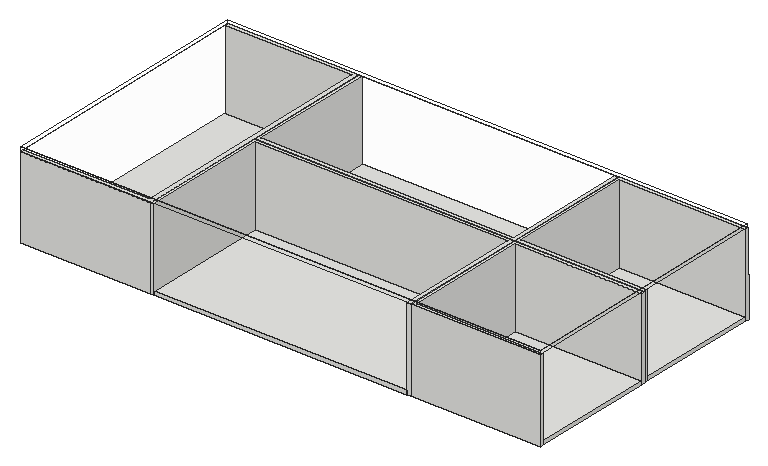
Revit family "Table-Coffee-Teknion-STLD_Masalla-R2013", category Furniture, Revit 2013
Parameters (values of type "5 Box Rectangle")
  Width = 66.92913"
  Warranty = "http://www.teknionstudio.com/pdfs/Teknion%20Studio%20Warranty.pdf"
  Unit Weight = 0.00 lbf
  URL = "www.teknionstudio.com"
  Table Top Finish [instance] = Glass - Teknion - A5 - Standard - Clear
  Surface D Finish [instance] = Paint - Teknion - True White
  Surface C Finish [instance] = Paint - Teknion - True White
  Surface B Finish [instance] = Paint - Teknion - True White
  Surface A Finish [instance] = Paint - Teknion - True White
  Series = "Studio"
  Product Line = "Masalla"
  Product Documentation Link = "http://www.teknionstudio.com/pricing/STLD_ppg.pdf"
  Part Number = "STLD"
  Model = "STLD"
  Manufacturer Phone = "919-464-2920"
  Manufacturer Fax = "919-464-2927"
  Manufacturer Email = "customersupport@teknionstudio.com"
  Manufacturer Address = "3941 US 70 Business HWY West, Clayton, NC 27520"
  Manufacturer = "Teknion Studio"
  Low Emitting Material = yes
  Low Emitting Finish = yes
  Height = 12.59843"
  Description = "Masalla Table, 5 Box Rectangle"
  Depth = 33.46457"
  Assembly Code = "E2020200"
Reference planes (in)
  plane 1 "Center F/B": y = 0
  plane 2: z = 0
  plane 3 "Center L/R": x = 0
  plane 4 "Left": x = -33.46457
  plane 5 "Right": x = 33.46457
  plane 6 "Back": y = 16.73228
  plane 7 "Front": y = -16.73228
  plane 8 "Top": z = 12.59843
  plane 9: z = 1.5748
  plane 10: z = 12.12598
Forms (in)
  Sweep 1, solid, material "Paint - Teknion - Smoke"
    path origin (0, 0, 0) x (1, 0, 0) y (0, 0, 1)
      loop
        line (0, 0) -> (0, 1.5748)
    profile origin (0, 0, 0.7874) x (-1, 0, 0) y (0, -1, 0)
      loop
        line (31.10236, -14.37008) -> (31.10236, 14.37008) -> (-31.10236, 14.37008) -> (-31.10236, -14.37008) -> (31.10236, -14.37008)
      loop
        line (-30.62992, -13.89764) -> (30.62992, -13.89764) -> (30.62992, 13.89764) -> (-30.62992, 13.89764) -> (-30.62992, -13.89764)
  Sweep 2, solid, material "Paint - Teknion - Smoke"
    path origin (0, 0, 0) x (1, 0, 0) y (0, 0, 1)
      loop
        line (0, 1.5748) -> (0, 1.10236)
    profile origin (0, 0, 1.33858) x (0, -1, 0) y (1, 0, 0)
      loop
        line (-13.89764, -30.62992) -> (13.89764, -30.62992) -> (13.89764, 30.62992) -> (-13.89764, 30.62992) -> (-13.89764, -30.62992)
  Sweep 3, solid, material "Glass - Teknion - A5 - Standard - Clear" <- "Table Top Finish"
    path origin (0, 0, 0) x (1, 0, 0) y (0, 0, 1)
      loop
        line (0, 12.59843) -> (0, 12.12598)
    profile origin (0, 0, 12.3622) x (0, -1, 0) y (1, 0, 0)
      loop
        line (-16.73228, -33.46457) -> (16.73228, -33.46457) -> (16.73228, 33.46457) -> (-16.73228, 33.46457) -> (-16.73228, -33.46457)
  Sweep 4, solid, material "Paint - Teknion - True White" <- "Surface B Finish"
    path origin (0, 0, 0) x (1, 0, 0) y (0, 0, 1)
      loop
        line (0, 1.5748) -> (0, 2.04724)
    profile origin (0, 0, 1.81102) x (-1, 0, 0) y (0, -1, 0)
      loop
        line (16.25984, -16.73228) -> (16.25984, -0.47244) -> (-16.25984, -0.47244) -> (-16.25984, -16.73228) -> (16.25984, -16.73228)
  Sweep 5, solid, material "Paint - Teknion - True White" <- "Surface A Finish"
    path origin (0, 0, 0) x (1, 0, 0) y (0, 0, 1)
      loop
        line (0, 12.12598) -> (0, 1.5748)
    profile origin (0, 0, 6.85039) x (0, -1, 0) y (1, 0, 0)
      loop
        line (-16.73228, -33.46457) -> (-16.25984, -33.46457) -> (-16.25984, -17.20472) -> (16.25984, -17.20472) -> (16.25984, -33.46457) -> (16.73228, -33.46457) -> (16.73228, -16.73228) -> (-16.73228, -16.73228) -> (-16.73228, -33.46457)
  Sweep 6, solid, material "Paint - Teknion - True White" <- "Surface D Finish"
    path origin (0, 0, 0) x (1, 0, 0) y (0, 0, 1)
      loop
        line (0, 1.5748) -> (0, 12.12598)
    profile origin (0, 0, 6.85039) x (-1, 0, 0) y (0, -1, 0)
      loop
        line (-16.73228, 0) -> (-16.73228, 16.73228) -> (-33.46457, 16.73228) -> (-33.46457, 16.25984) -> (-17.20472, 16.25984) -> (-17.20472, 0.47244) -> (-33.46457, 0.47244) -> (-33.46457, 0) -> (-16.73228, 0)
  Sweep 7, solid, material "Paint - Teknion - True White" <- "Surface B Finish"
    path origin (0, 0, 0) x (1, 0, 0) y (0, 0, 1)
      loop
        line (0, 12.12598) -> (0, 1.5748)
    profile origin (0, 0, 6.85039) x (0, -1, 0) y (1, 0, 0)
      loop
        line (-16.73228, -16.73228) -> (0, -16.73228) -> (0, 16.73228) -> (-16.73228, 16.73228) -> (-16.73228, 16.25984) -> (-0.47244, 16.25984) -> (-0.47244, -16.25984) -> (-16.73228, -16.25984) -> (-16.73228, -16.73228)
  Sweep 8, solid, material "Paint - Teknion - True White" <- "Surface C Finish"
    path origin (0, 0, 0) x (1, 0, 0) y (0, 0, 1)
      loop
        line (0, 12.12598) -> (0, 1.5748)
    profile origin (0, 0, 6.85039) x (0, -1, 0) y (1, 0, 0)
      loop
        line (0, 16.73228) -> (0, -16.73228) -> (16.73228, -16.73228) -> (16.73228, -16.25984) -> (0.47244, -16.25984) -> (0.47244, 16.25984) -> (16.73228, 16.25984) -> (16.73228, 16.73228) -> (0, 16.73228)
  Sweep 9, solid, material "Paint - Teknion - True White" <- "Surface D Finish"
    path origin (0, 0, 0) x (-1, 0, 0) y (0, 0, 1)
      loop
        line (0, 1.5748) -> (0, 2.04724)
    profile origin (0, 0, 1.81102) x (-1, 0, 0) y (0, -1, 0)
      loop
        line (-33.46457, -16.25984) -> (-17.20472, -16.25984) -> (-17.20472, -0.47244) -> (-33.46457, -0.47244) -> (-33.46457, -16.25984)
      loop
        line (-33.46457, 16.25984) -> (-33.46457, 0.47244) -> (-17.20472, 0.47244) -> (-17.20472, 16.25984) -> (-33.46457, 16.25984)
  Sweep 10, solid, material "Paint - Teknion - True White" <- "Surface C Finish"
    path origin (0, 0, 0) x (-1, 0, 0) y (0, 0, 1)
      loop
        line (0, 1.5748) -> (0, 2.04724)
    profile origin (0, 0, 1.81102) x (1, 0, 0) y (0, 1, 0)
      loop
        line (16.25984, -16.73228) -> (16.25984, -0.47244) -> (-16.25984, -0.47244) -> (-16.25984, -16.73228) -> (16.25984, -16.73228)
  Sweep 11, solid, material "Paint - Teknion - True White" <- "Surface A Finish"
    path origin (0, 0, 0) x (1, 0, 0) y (0, 0, -1)
      loop
        line (0, -1.5748) -> (0, -2.04724)
    profile origin (0, 0, 1.81102) x (1, 0, 0) y (0, 1, 0)
      loop
        line (-33.46457, -16.25984) -> (-17.20472, -16.25984) -> (-17.20472, 16.25984) -> (-33.46457, 16.25984) -> (-33.46457, -16.25984)
  Sweep 12, solid, material "Paint - Teknion - True White" <- "Surface D Finish"
    path origin (0, 16.73228, 0) x (1, 0, 0) y (0, 0, 1)
      loop
        line (0, 1.5748) -> (0, 12.12598)
    profile origin (0, 16.73228, 6.85039) x (-1, 0, 0) y (0, -1, 0)
      loop
        line (-16.73228, 0) -> (-16.73228, 16.73228) -> (-33.46457, 16.73228) -> (-33.46457, 16.25984) -> (-17.20472, 16.25984) -> (-17.20472, 0.47244) -> (-33.46457, 0.47244) -> (-33.46457, 0) -> (-16.73228, 0)
Lines and regions (in)
  Masking region 1
    outline origin (0, 0, 12.59843) x (-1, 0, 0) y (0, -1, 0)
      loop
        line (33.46457, -16.73228) -> (33.46457, 16.73228) -> (-33.46457, 16.73228) -> (-33.46457, -16.73228) -> (33.46457, -16.73228)
  symbolic lines, style "Hidden Lines", detail levels medium+fine
    curve 1: line (-16.73228, 16.73228, 12.59843) -> (-16.73228, -16.73228, 12.59843)
    curve 2: line (16.73228, 16.73228, 12.59843) -> (16.73228, -16.73228, 12.59843)
    curve 3: line (-16.73228, 0, 12.59843) -> (33.46457, 0, 12.59843)
  symbolic lines, style "Hidden Lines", detail levels fine
    curve 4: line (-33.46457, 16.25984, 12.59843) -> (-16.73228, 16.25984, 12.59843)
    curve 5: line (-33.46457, -16.25984, 12.59843) -> (-16.73228, -16.25984, 12.59843)
    curve 6: line (33.46457, 16.25984, 12.59843) -> (16.73228, 16.25984, 12.59843)
    curve 7: line (33.46457, -16.25984, 12.59843) -> (16.73228, -16.25984, 12.59843)
    curve 8: line (-17.20472, 16.25984, 12.59843) -> (-17.20472, -16.25984, 12.59843)
    curve 9: line (-16.25984, 16.73228, 12.59843) -> (-16.25984, -16.73228, 12.59843)
    curve 10: line (16.25984, 16.73228, 12.59843) -> (16.25984, -16.73228, 12.59843)
    curve 11: line (17.20472, 16.25984, 12.59843) -> (17.20472, 0.47244, 12.59843)
    curve 12: line (-16.25984, 0.47244, 12.59843) -> (16.25984, 0.47244, 12.59843)
    curve 13: line (-16.25984, -0.47244, 12.59843) -> (16.25984, -0.47244, 12.59843)
    curve 14: line (33.46457, 0.47244, 12.59843) -> (16.73228, 0.47244, 12.59843)
    curve 15: line (33.46457, -0.47244, 12.59843) -> (16.73228, -0.47244, 12.59843)
    curve 16: line (17.20472, -0.47244, 12.59843) -> (17.20472, -16.25984, 12.59843)
Dimensions and locks (in)
  "Height": plane 8 "Top" to level
  equal spacing: plane 4 "Left", plane 3 "Center L/R", plane 5 "Right"
  equal spacing: plane 6 "Back", plane 1 "Center F/B", plane 7 "Front"
  "Width": plane 4 "Left" to plane 5 "Right"
  "Depth": plane 6 "Back" to plane 7 "Front"
  Sweep 1 sketch curve to Sweep 1 sketch curve to plane 1 "Center F/B" to Sweep 1 sketch curve to Sweep 1 sketch curve = 0.47244" locked, 13.89764" locked, 13.89764" locked, 0.47244" locked
  Sweep 1 sketch curve to Sweep 1 sketch curve to plane 3 "Center L/R" to Sweep 1 sketch curve to Sweep 1 sketch curve = 0.47244", 30.62992" locked, 30.62992" locked, 0.47244" locked
  Sweep 2 sketch curve to plane 3 "Center L/R" to Sweep 2 sketch curve = 30.62992" locked, 30.62992" locked
  Sweep 2 sketch curve to plane 1 "Center F/B" to Sweep 2 sketch curve = 13.89764" locked, 13.89764" locked
  locked: plane 8 "Top" to Sweep 3 sketch curve at 0.47244
  locked: plane 8 "Top" to plane 10 at 0.47244
  locked: plane 9 to plane 2 at 1.5748
  locked: plane 9 to Sweep 2 sketch curve at 0.47244
  locked: Sweep 4 sketch curve to plane 9 at 0.47244
  locked: plane 1 "Center F/B" to Sweep 4 sketch curve at 0.47244
  locked: Sweep 8 sketch curve to plane 1 "Center F/B" at 0.47244
  locked: Sweep 9 sketch curve to plane 9 at 0.47244
  locked: Sweep 10 sketch curve to plane 9 at 0.47244
  locked: Sweep 11 sketch curve to plane 9 at 0.47244
  locked: plane 4 "Left" to Sweep 5 sketch curve at 16.73228
  locked: Sweep 5 sketch curve to Sweep 5 sketch curve at 0.47244
  locked: plane 6 "Back" to Sweep 5 sketch curve at 0.47244
  locked: plane 7 "Front" to Sweep 5 sketch curve at 0.47244
  locked: plane 7 "Front" to Sweep 6 sketch curve at 0.47244
  locked: Sweep 6 sketch curve to plane 5 "Right" at 16.25984
  locked: Sweep 6 sketch curve to Sweep 6 sketch curve at 0.47244
  Sweep 8 sketch curve to Sweep 8 sketch curve to plane 3 "Center L/R" = 0.47244" locked, 16.25984" locked
  plane 3 "Center L/R" to Sweep 8 sketch curve to Sweep 8 sketch curve = 16.25984" locked, 0.47244" locked
  Sweep 7 sketch curve to Sweep 7 sketch curve to plane 3 "Center L/R" = 0.47244" locked, 16.25984" locked
  plane 3 "Center L/R" to Sweep 7 sketch curve to Sweep 7 sketch curve = 16.25984" locked, 0.47244" locked
  locked: plane 1 "Center F/B" to Sweep 7 sketch curve at 0.47244
  locked: plane 4 "Left" to Sweep 11 sketch curve at 16.25984
  locked: plane 6 "Back" to Sweep 11 sketch curve at 0.47244
  locked: plane 7 "Front" to Sweep 11 sketch curve at 0.47244
  Sweep 4 sketch curve to plane 3 "Center L/R" to Sweep 4 sketch curve = 16.25984" locked, 16.25984" locked
  Sweep 10 sketch curve to plane 3 "Center L/R" to Sweep 10 sketch curve = 16.25984" locked, 16.25984" locked
  locked: Sweep 10 sketch curve to plane 1 "Center F/B" at 0.47244
  locked: Sweep 9 sketch curve to plane 5 "Right" at 16.25984
  locked: plane 6 "Back" to Sweep 9 sketch curve at 0.47244
  locked: plane 7 "Front" to Sweep 9 sketch curve at 0.47244
  curve 1 to plane 3 "Center L/R" to curve 2 = 16.73228" locked, 16.73228" locked
  locked: plane 6 "Back" to curve 4 at 0.47244
  locked: plane 7 "Front" to curve 5 at 0.47244
  locked: plane 6 "Back" to curve 6 at 0.47244
  locked: plane 7 "Front" to curve 7 at 0.47244
  locked: curve 8 to curve 1 at 0.47244
  locked: curve 1 to curve 9 at 0.47244
  locked: curve 10 to curve 2 at 0.47244
  locked: curve 2 to curve 11 at 0.47244
  locked: plane 1 "Center F/B" to curve 12 at 0.47244
  locked: curve 13 to plane 1 "Center F/B" at 0.47244
  locked: Sweep 6 sketch curve to plane 1 "Center F/B" at 0.47244
  locked: Sweep 12 sketch curve to Sweep 12 sketch curve at 0.47244
  locked: plane 1 "Center F/B" to curve 14 at 0.47244
  locked: curve 15 to plane 1 "Center F/B" at 0.47244
  Sweep 9 sketch curve to plane 1 "Center F/B" to Sweep 9 sketch curve = 0.47244", 0.47244"
  aligned and locked: level to plane 2
  aligned and locked: plane 3 "Center L/R" to Sweep 1 sketch curve
  aligned and locked: plane 2 to Sweep 1 sketch curve
  aligned and locked: Sweep 2 sketch curve to plane 3 "Center L/R"
  aligned and locked: Sweep 3 sketch curve to plane 3 "Center L/R"
  aligned and locked: plane 8 "Top" to Sweep 3 sketch curve
  aligned and locked: Sweep 3 sketch curve to plane 6 "Back"
  aligned and locked: plane 4 "Left" to Sweep 3 sketch curve
  aligned and locked: Sweep 3 sketch curve to plane 7 "Front"
  aligned and locked: Sweep 3 sketch curve to plane 5 "Right"
  aligned and locked: plane 9 to Sweep 1 sketch curve
  aligned and locked: plane 9 to Sweep 2 sketch curve
  aligned and locked: plane 9 to Sweep 4 sketch curve
  aligned and locked: plane 3 "Center L/R" to Sweep 4 sketch curve
  aligned and locked: Sweep 4 sketch curve to plane 6 "Back"
  aligned and locked: plane 10 to Sweep 5 sketch curve
  aligned and locked: Sweep 5 sketch curve to plane 3 "Center L/R"
  aligned and locked: plane 9 to Sweep 5 sketch curve
  aligned and locked: plane 10 to Sweep 6 sketch curve
  aligned and locked: plane 9 to Sweep 6 sketch curve
  aligned and locked: plane 3 "Center L/R" to Sweep 6 sketch curve
  aligned and locked: plane 10 to Sweep 7 sketch curve
  aligned and locked: plane 9 to Sweep 7 sketch curve
  aligned and locked: Sweep 7 sketch curve to plane 3 "Center L/R"
  aligned and locked: plane 10 to Sweep 8 sketch curve
  aligned and locked: plane 9 to Sweep 8 sketch curve
  aligned and locked: Sweep 8 sketch curve to plane 3 "Center L/R"
  aligned and locked: Sweep 8 sketch curve to plane 1 "Center F/B"
  aligned and locked: Sweep 8 sketch curve to plane 7 "Front"  (x2)
  aligned and locked: plane 9 to Sweep 9 sketch curve
  aligned and locked: Sweep 10 sketch curve to plane 7 "Front"
  aligned and locked: plane 9 to Sweep 10 sketch curve
  aligned and locked: plane 9 to Sweep 11 sketch curve
  aligned and locked: Masking region 1 sketch curve to plane 6 "Back"
  aligned and locked: Masking region 1 sketch curve to plane 5 "Right"
  aligned and locked: Masking region 1 sketch curve to plane 7 "Front"
  aligned and locked: plane 4 "Left" to Masking region 1 sketch curve
  aligned and locked: Sweep 5 sketch curve to plane 4 "Left"  (x2)
  aligned and locked: Sweep 5 sketch curve to plane 6 "Back"
  aligned and locked: Sweep 5 sketch curve to plane 7 "Front"
  aligned and locked: Sweep 6 sketch curve to plane 5 "Right"  (x2)
  aligned and locked: Sweep 6 sketch curve to plane 7 "Front"
  aligned and locked: Sweep 7 sketch curve to plane 1 "Center F/B"
  aligned and locked: plane 6 "Back" to Sweep 7 sketch curve  (x2)
  aligned and locked: Sweep 11 sketch curve to plane 4 "Left"
  aligned and locked: plane 5 "Right" to Sweep 9 sketch curve  (x2)
  aligned and locked: plane 7 "Front" to curve 2
  aligned and locked: plane 7 "Front" to curve 1
  aligned and locked: plane 6 "Back" to curve 1
  aligned and locked: plane 6 "Back" to curve 2
  aligned and locked: plane 4 "Left" to curve 4
  aligned and locked: plane 4 "Left" to curve 5
  aligned and locked: curve 1 to curve 5
  aligned and locked: curve 2 to curve 7
  aligned and locked: plane 5 "Right" to curve 7
  aligned and locked: plane 5 "Right" to curve 6
  aligned and locked: curve 5 to curve 8
  aligned and locked: curve 4 to curve 8
  aligned and locked: plane 6 "Back" to curve 9
  aligned and locked: plane 7 "Front" to curve 9
  aligned and locked: plane 6 "Back" to curve 10
  aligned and locked: plane 7 "Front" to curve 10
  aligned and locked: curve 6 to curve 11
  aligned and locked: curve 7 to curve 16
  aligned and locked: curve 9 to curve 12
  aligned and locked: curve 10 to curve 12
  aligned and locked: plane 1 "Center F/B" to Sweep 6 sketch curve
  aligned and locked: plane 5 "Right" to curve 14
  aligned and locked: plane 5 "Right" to curve 15
  aligned and locked: plane 5 "Right" to curve 3
  aligned and locked: curve 14 to curve 11
  aligned and locked: curve 15 to curve 16
Automatic sketch dimensions
  Sweep 9 sketch curve to plane 3 "Center L/R" = 0.000"
  Sweep 10 sketch curve to plane 3 "Center L/R" = 0.000"
  Sweep 11 sketch curve to plane 3 "Center L/R" = 0.000"
  Sweep 12 sketch curve to plane 3 "Center L/R" = 0.000"
  Sweep 12 sketch curve to plane 9 = 0.000"
  Sweep 12 sketch curve to plane 10 = 0.000"
  profile plane to Sweep 12 sketch curve = 0.000"
  profile plane to Sweep 12 sketch curve = 16.25984"
  profile plane to Sweep 12 sketch curve = 33.46457"
  profile plane to Sweep 12 sketch curve = 0.47244"
  Sweep 12 sketch curve to Sweep 12 sketch curve = 0.000"
  Sweep 12 sketch curve to Sweep 12 sketch curve = 16.25984"
  Sweep 12 sketch curve to Sweep 12 sketch curve = 0.47244"
  plane 1 "Center F/B" to curve 3 = 0.000"
  curve 16 to curve 15 = 0.47244"
  Sweep 9 sketch curve to Sweep 9 sketch curve = 0.000"
